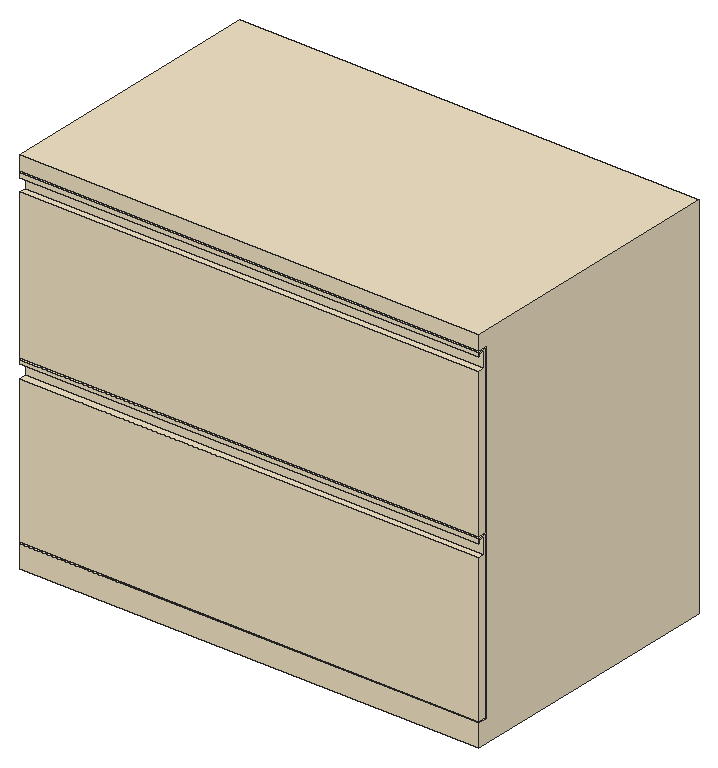
Revit family "494b3e20407e42b8b71e252d5a9e34ae", category Furniture Systems, Revit 2021
Family settings
  Round Connector Dimension = Use Diameter
  Part Type = Normal
  OmniClass Number = 23.40.70.14.64.21
  OmniClass Title = Systems Furniture
  Work Plane-Based = No
  Always vertical = Yes
  Cut with Voids When Loaded = No
  Shared = No
  Room Calculation Point = No
Parameters (values of type "30" x 18" x 25"")
  Width = 30"
  Type Comments = "30\" x 18\" x 25\" Double Vertical File Cabinet"
  Show Solid [instance] = not(Show Dashed)  # yes
  Show Dashed [instance] = no
  Model = ""
  Manufacturer = ""
  Height = 25"
  Drawer Finish [instance] = Metal - Paint - Beige
  Description = ""
  Depth = 18"
  Default Elevation = 0"
  Cabinet Material [instance] = Metal - Paint - Beige
Reference planes (in)
  plane 1 "Back": y = 18
  plane 2: z = 0
  plane 3 "Center (Left/Right)": x = 0
  plane 4 "Left": x = -15
  plane 5 "Right": x = 15
  plane 6 "Center (Front/Back)": y = 0
  plane 7: y = 0.656
  plane 8 "Top": z = 25
  plane 9: z = 2.21875
  plane 10: z = 24.0625
  plane 11: z = 23.9375
  plane 12: z = 22.82855
  plane 13: z = 13.14063
  plane 14: z = 13.01563
  plane 15: z = 11.90667
  plane 16: z = 0.75
  plane 17: y = 3
  plane 18: y = 15
  plane 19: x = -12.875
  plane 20: x = -11.125
  plane 21: x = 12.875
  plane 22: x = 11.125
  plane 23: y = 0.531
  plane 24: z = 36
Forms (in)
  Extrusion 1, solid, material "Metal - Paint - Beige" <- "Cabinet Material"
    sketch origin (0, 22, 0) x (1, 0, 0) y (0, 1, 0)
      loop
        line (-15, -4) -> (-15, -21.344) -> (15, -21.344) -> (15, -4) -> (-15, -4)
    from 2.21875 to 24.0625
  Extrusion 2, solid, material "Metal - Paint - Beige" <- "Cabinet Material"
    sketch origin (0, 22, 0) x (1, 0, 0) y (0, 1, 0)
      loop
        line (-15, -4) -> (-15, -22) -> (15, -22) -> (15, -4) -> (-15, -4)
    from 24.0625 to 25
  Extrusion 3, solid, material "Metal - Paint - Beige" <- "Cabinet Material"
    sketch origin (0, 22, 0) x (1, 0, 0) y (0, 1, 0)
      loop
        line (-15, -4) -> (-15, -22) -> (15, -22) -> (15, -4) -> (-15, -4)
    from 0.75 to 2.21875
  Extrusion 4, solid, material "Metal - Paint - Beige" <- "Drawer Finish", detail levels medium+fine
    sketch origin (0, 0, 0) x (0, 1, 0) y (0, 0, 1)
      loop
        line (0, 22.82855) -> (0, 13.14063) -> (0.531, 13.14063) -> (0.531, 23.9375) -> (0, 23.9375) -> (0, 23.6875) -> (0.06, 23.6875) -> (0.06, 23.8775) -> (0.4685, 23.8775) -> (0.4685, 22.82855) -> (0, 22.82855)
    from -15 to 15
  Extrusion 5, solid, material "Metal - Paint - Beige" <- "Drawer Finish", detail levels medium+fine
    sketch origin (0, 0, 0) x (0, 1, 0) y (0, 0, 1)
      loop
        line (0, 11.90667) -> (0, 2.3125) -> (0.531, 2.3125) -> (0.531, 13.01563) -> (0, 13.01563) -> (0, 12.76563) -> (0.06, 12.76563) -> (0.06, 12.95563) -> (0.46966, 12.95563) -> (0.46966, 11.90667) -> (0, 11.90667)
    from -15 to 15
  Extrusion 6, solid
    sketch origin (0, 0, 0) x (0, 1, 0) y (0, 0, 1)
      loop
        line (2.04399, 0.75) -> (2.23701, 0.36245) -> (2.57765, 0.09522) -> (3, 0) -> (3.42235, 0.09522) -> (3.76299, 0.36245) -> (3.95601, 0.75) -> (2.04399, 0.75)
      loop
        line (14.04399, 0.75) -> (14.23701, 0.36245) -> (14.57765, 0.09522) -> (15, 0) -> (15.42235, 0.09522) -> (15.76299, 0.36245) -> (15.95601, 0.75) -> (14.04399, 0.75)
    from -12.875 to -11.125
  Extrusion 7, solid
    sketch origin (0, -11, 0) x (0, 1, 0) y (0, 0, 1)
      loop
        line (13.04399, 0.75) -> (13.23701, 0.36245) -> (13.57765, 0.09522) -> (14, 0) -> (14.42235, 0.09522) -> (14.76299, 0.36245) -> (14.95601, 0.75) -> (13.04399, 0.75)
      loop
        line (26.76299, 0.36245) -> (26.95601, 0.75) -> (25.04399, 0.75) -> (25.23701, 0.36245) -> (25.57765, 0.09522) -> (26, 0) -> (26.42235, 0.09522) -> (26.76299, 0.36245)
    from 11.125 to 12.875
  Extrusion 8, solid, material "Metal - Paint - Beige" <- "Drawer Finish", detail levels coarse
    sketch origin (0, 18, 0) x (1, 0, 0) y (0, 0, 1)
      loop
        line (-15, 13.01563) -> (-15, 2.34375) -> (15, 2.34375) -> (15, 13.01563) -> (-15, 13.01563)
      loop
        line (-15, 23.9375) -> (-15, 13.14063) -> (15, 13.14063) -> (15, 23.9375) -> (-15, 23.9375)
    from 17.469 to 18
Cuts and joins
  joined: Extrusion 1, Extrusion 2, Extrusion 3
Lines and regions (in)
  Masking region 1, visible <- "Show Solid"
    outline origin (0, 22, 0) x (1, 0, 0) y (0, 1, 0)
      loop
        line (-15, -4) -> (-15, -22) -> (15, -22) -> (15, -4) -> (-15, -4)
  Masking region 2, visible <- "Show Dashed"
    outline origin (0, 0, 0) x (1, 0, 0) y (0, 1, 0)
      loop
        line (-15, 18) -> (-15, 0) -> (15, 0) -> (15, 18) -> (-15, 18)
  symbolic lines, style "Storage", visible <- "Show Solid"
    curve 1: line (-15, 0.656, 0) -> (15, 0.656, 0)
    curve 4: line (-15, 0.656, 0) -> (15, 18, 0)
  symbolic lines, style "Dash Lines", visible <- "Show Dashed"
    curve 2: line (-15, 0.656, 0) -> (15, 0.656, 0)
    curve 3: line (-15, 0.656, 0) -> (15.04069, 18, 0)
  reference lines
    curve 5: line (0, 0, 36) -> (0, 0, 0)
Dimensions and locks (in)
  "Width": plane 4 "Left" to plane 5 "Right"
  "Depth": plane 6 "Center (Front/Back)" to plane 1 "Back"
  equal spacing: plane 4 "Left", plane 3 "Center (Left/Right)", plane 5 "Right"
  locked: plane 7 to plane 6 "Center (Front/Back)" at 0.656
  locked: plane 9 to Extrusion 5 sketch curve at 0.09375
  locked: plane 14 to Extrusion 5 sketch curve at 0.25
  locked: plane 6 "Center (Front/Back)" to Extrusion 5 sketch curve at 0.06
  locked: plane 6 "Center (Front/Back)" to plane 17 at 3
  locked: plane 18 to plane 1 "Back" at 3
  plane 20 to plane 19 to plane 4 "Left" = 1 3/4" locked, 2 1/8" locked
  plane 5 "Right" to plane 21 to plane 22 = 2 1/8" locked, 1 3/4" locked
  "Height": plane 8 "Top" to plane 2
  locked: plane 23 to plane 7 at 0.125
  locked: Extrusion 4 sketch curve to plane 23 at 0.0625
  locked: Extrusion 5 sketch curve to plane 23 at 0.06134
  locked: Extrusion 8 sketch curve to plane 9 at 0.125
  plane 8 "Top" to plane 10 to plane 11 to plane 12 = 15/16", 1/8", 1.10895" locked
  plane 13 to plane 14 to plane 15 = 1/8" locked, 1.10895" locked
  equal spacing: plane 10, plane 13, plane 9
  locked: plane 24 to plane 2 at 36
  aligned and locked: plane 1 "Back" to Extrusion 1 sketch curve
  aligned and locked: Extrusion 1 sketch curve to plane 5 "Right"
  aligned and locked: plane 4 "Left" to Extrusion 1 sketch curve
  aligned and locked: Extrusion 1 sketch curve to plane 7
  aligned and locked: Extrusion 1 to plane 9
  aligned and locked: plane 1 "Back" to Extrusion 2 sketch curve
  aligned and locked: Extrusion 2 sketch curve to plane 5 "Right"
  aligned and locked: plane 4 "Left" to Extrusion 2 sketch curve
  aligned and locked: plane 6 "Center (Front/Back)" to Extrusion 2 sketch curve
  aligned and locked: Extrusion 2 to plane 10
  aligned and locked: plane 8 "Top" to Extrusion 2
  aligned and locked: plane 1 "Back" to Extrusion 3 sketch curve
  aligned and locked: Extrusion 3 sketch curve to plane 5 "Right"
  aligned and locked: plane 4 "Left" to Extrusion 3 sketch curve
  aligned and locked: plane 6 "Center (Front/Back)" to Extrusion 3 sketch curve
  aligned and locked: plane 9 to Extrusion 3
  aligned and locked: Extrusion 3 to plane 16
  aligned and locked: Extrusion 1 to plane 10
  aligned and locked: Extrusion 4 sketch curve to plane 11
  aligned and locked: Extrusion 4 sketch curve to plane 6 "Center (Front/Back)"  (x2)
  aligned and locked: Extrusion 4 sketch curve to plane 12
  aligned and locked: plane 13 to Extrusion 4 sketch curve
  aligned and locked: Extrusion 5 sketch curve to plane 15
  aligned and locked: Extrusion 5 sketch curve to plane 6 "Center (Front/Back)"  (x2)
  aligned and locked: Extrusion 5 sketch curve to plane 14
  aligned and locked: Extrusion 5 to plane 4 "Left"
  aligned and locked: plane 5 "Right" to Extrusion 5
  aligned and locked: Extrusion 4 to plane 4 "Left"
  aligned and locked: plane 5 "Right" to Extrusion 4
  aligned and locked: plane 19 to Extrusion 6
  aligned and locked: plane 20 to Extrusion 6
  aligned and locked: plane 21 to Extrusion 7
  aligned and locked: plane 22 to Extrusion 7
  aligned and locked: level to plane 2
  aligned and locked: Extrusion 7 sketch curve to Extrusion 6  (x2)
  aligned and locked: plane 5 "Right" to curve 1
  aligned and locked: plane 23 to Extrusion 4 sketch curve
  aligned and locked: plane 23 to Extrusion 5 sketch curve
  aligned and locked: plane 1 "Back" to Masking region 1 sketch curve
  aligned and locked: Masking region 1 sketch curve to plane 5 "Right"
  aligned and locked: plane 6 "Center (Front/Back)" to Masking region 1 sketch curve
  aligned and locked: plane 4 "Left" to Masking region 1 sketch curve
  aligned and locked: plane 4 "Left" to Extrusion 8 sketch curve  (x2)
  aligned and locked: Extrusion 8 sketch curve to plane 14
  aligned and locked: Extrusion 8 sketch curve to plane 5 "Right"  (x2)
  aligned and locked: plane 13 to Extrusion 8 sketch curve
  aligned and locked: Extrusion 8 sketch curve to plane 11
  aligned and locked: plane 23 to Extrusion 8
  aligned and locked: Extrusion 8 to plane 6 "Center (Front/Back)"
  aligned and locked: plane 1 "Back" to Masking region 2 sketch curve
  aligned and locked: plane 4 "Left" to Masking region 2 sketch curve
  aligned and locked: plane 6 "Center (Front/Back)" to Masking region 2 sketch curve
  aligned and locked: Masking region 2 sketch curve to plane 5 "Right"
  aligned and locked: curve 2 to plane 7
  aligned and locked: plane 4 "Left" to curve 2
  aligned and locked: plane 5 "Right" to curve 2
  aligned and locked: plane 1 "Back" to curve 3
  aligned and locked: plane 1 "Back" to curve 4
  aligned and locked: plane 5 "Right" to curve 4
  aligned and locked: plane 24 to curve 5
  aligned and locked: plane 2 to curve 5
  aligned and locked: curve 5 to plane 3 "Center (Left/Right)"
Automatic sketch dimensions
  plane 6 "Center (Front/Back)" to Extrusion 4 sketch curve = 0.06"
  Extrusion 4 sketch curve to plane 11 = 1/4"
  Extrusion 4 sketch curve to plane 11 = 0.06"
  Extrusion 6 sketch curve to plane 16 = 0"  (x2)
  Extrusion 6 sketch curve to level = 0"  (x2)
  Extrusion 6 sketch curve to plane 17 = 0"
  Extrusion 6 sketch curve to plane 18 = 0"
  level to Extrusion 6 sketch curve = 0.09522"  (x4)
  Extrusion 6 sketch curve to plane 17 = 0.42235"
  level to Extrusion 6 sketch curve = 0.36245"  (x4)
  Extrusion 6 sketch curve to Extrusion 6 sketch curve = 0.34064"  (x3)
  Extrusion 6 sketch curve to Extrusion 6 sketch curve = 0.19302"  (x4)
  plane 17 to Extrusion 6 sketch curve = 0.42235"
  Extrusion 6 sketch curve to plane 18 = 0.95601"
  Extrusion 6 sketch curve to plane 18 = 0.42235"
  plane 18 to Extrusion 6 sketch curve = 0.42235"
  Extrusion 7 sketch curve to plane 16 = 0"  (x2)
  Extrusion 7 sketch curve to level = 0"  (x2)
  plane 6 "Center (Front/Back)" to Extrusion 7 sketch curve = 2.04399"
  level to Extrusion 7 sketch curve = 0.36245"  (x2)
  Extrusion 7 sketch curve to Extrusion 7 sketch curve = 0.19302"  (x4)
  level to Extrusion 7 sketch curve = 0.09522"  (x4)
  Extrusion 7 sketch curve to Extrusion 7 sketch curve = 0.34064"  (x2)
  Extrusion 7 sketch curve to Extrusion 7 sketch curve = 0.42235"  (x2)
  Extrusion 7 sketch curve to plane 18 = 0.42235"
  Extrusion 7 sketch curve to plane 18 = 0"
  plane 18 to Extrusion 7 sketch curve = 0.42235"
  Extrusion 5 sketch curve to plane 14 = 0.06"
  curve 4 to curve 3 = 0.04069"
